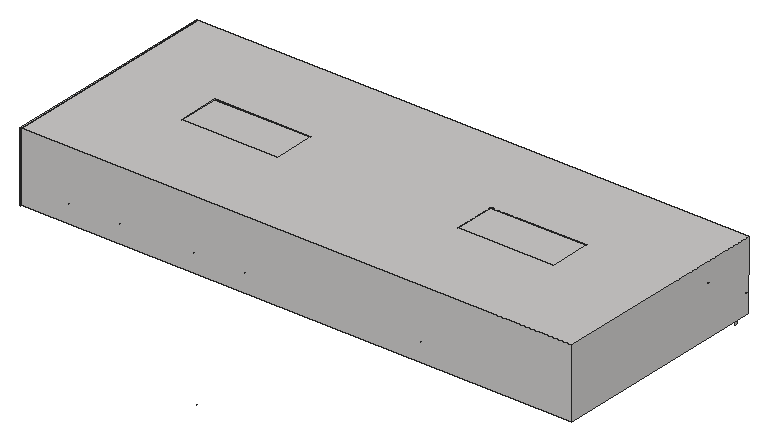
Revit family "QF_ELECTROLUXPROFESSIONAL_640285_VAP1640", category Specialty Equipment, Revit 2014
Reference planes
  plane 1: z = 0
  plane 2 "Center (Left/Right)": x = 150
  plane 3 "LEFT": x = -1850
  plane 4 "RIGHT": x = 2150
  plane 5 "BACK": y = 550
  plane 6 "TOP": z = 2500
  plane 7 "Base": z = 2000
  plane 8: z = 1970
  plane 9 "DrainY": y = 450
  plane 10: x = -1847
  plane 11 "DrainX": x = 2137
  plane 12 "AOLeft2": x = -500
  plane 13 "AORight1": x = 800
  plane 14: x = 2147
  plane 15: x = -1650
  plane 16: x = 1950
  plane 17: x = 50
  plane 18: x = 250
  plane 19 "Center (Front/Back)": y = -250
  plane 20 "Front": y = -1050
  plane 21 "AOLeft1": x = -1200
  plane 22 "AORight2": x = 1500
  plane 23: through (0, 550, 2133.855) normal (0, 0.5299, 0.848)
  plane 24: through (0, -1050, 2133.855) normal (0, 0.5299, -0.848)
  plane 25: y = -100
  plane 26: y = -400
Forms (mm)
  Extrusion 1, solid, material "QF_Finishes_Stainless Steel"
    sketch origin (-1850, 0, 360) x (0, 1, 0) y (0, 0, 1)
      loop
        line (550, 1640) -> (550, 2140) -> (-1050, 2140) -> (-1050, 1640) -> (550, 1640)
    from 0 to 3
  Extrusion 2, solid, material "QF_Finishes_Stainless Steel"
    sketch origin (2150, 0, 360) x (0, 1, 0) y (0, 0, 1)
      loop
        line (550, 1640) -> (550, 2140) -> (-1050, 2140) -> (-1050, 1640) -> (550, 1640)
    from 0 to -3
  Extrusion 3, solid, material "QF_Finishes_Stainless Steel"
    sketch origin (150, 0, 360) x (0, 1, 0) y (0, 0, 1)
      loop
        line (-1050, 2140) -> (-1050, 1640) -> (-1040, 1640) -> (-1040, 1640.8) -> (-1049.2, 1640.8) -> (-1049.2, 2139.19) -> (549.2, 2139.19) -> (549.2, 1640.8) -> (540, 1640.8) -> (540, 1640) -> (550, 1640) -> (550, 2140) -> (-1050, 2140)
    from -2000 to 2000
  Extrusion 4, solid, material "QF_Finishes_Stainless Steel"
    sketch origin (0, 0, 2000) x (0, 1, 0) y (-1, 0, 0)
      loop
        circle (450, -2137) r 4.763
    from -30 to 0
  Extrusion 5, void
    sketch origin (0, 400, 2500) x (0, 1, 0) y (-1, 0, 0)
      loop
        line (-500, 500) -> (-500, 1200) -> (-800, 1200) -> (-800, 500) -> (-500, 500)
    from 0 to -10
  Extrusion 6, solid, material "QF_Finishes_Stainless Steel"
    sketch origin (0, 0, 0) x (1, 0, 0) y (0, 1, 0)
      loop
        line (-1850, 550) -> (-1850, 549) -> (-1849, 549) -> (-1849, 550) -> (-1850, 550)
    from 0 to 1
  Extrusion 7, solid, material "QF_Finishes_Stainless Steel"
    sketch origin (150, 0, 360) x (0, 1, 0) y (0, 0, 1)
      loop
        line (503.5, 1837.574) -> (207.375, 2022.621) -> (192.198, 1998.364) -> (488.366, 1813.348) -> (503.5, 1837.574)
      loop
        line (-1003.5, 1837.574) -> (-988.366, 1813.348) -> (-692.198, 1998.364) -> (-707.375, 2022.621) -> (-1003.5, 1837.574)
    from -1800 to -1997
  Extrusion 8, solid, material "QF_Finishes_Stainless Steel"
    sketch origin (150, 0, 360) x (0, 1, 0) y (0, 0, 1)
      loop
        line (549.2, 1775.312) -> (472.742, 1823.075) -> (472.313, 1822.387) -> (549.2, 1774.355) -> (549.2, 1775.312)
      loop
        line (202.48, 1991.938) -> (126.212, 2039.602) -> (-626.212, 2039.602) -> (-702.48, 1991.938) -> (-702.062, 1991.27) -> (-626, 2038.801) -> (126, 2038.801) -> (202.063, 1991.27) -> (202.48, 1991.938)
      loop
        line (-1049.2, 1775.312) -> (-1049.2, 1774.355) -> (-972.312, 1822.387) -> (-972.742, 1823.075) -> (-1049.2, 1775.312)
    from -1997 to 1997
  Extrusion 9, solid, material "QF_Finishes_Stainless Steel"
    sketch origin (150, 0, 360) x (0, 1, 0) y (0, 0, 1)
      loop
        line (-707.375, 2022.621) -> (-1003.5, 1837.574) -> (-988.366, 1813.348) -> (-692.198, 1998.364) -> (-707.375, 2022.621)
      loop
        line (503.5, 1837.574) -> (207.375, 2022.621) -> (192.198, 1998.364) -> (488.366, 1813.348) -> (503.5, 1837.574)
    from 1997 to 1800
  Extrusion 10, solid, material "QF_Finishes_Stainless Steel"
    sketch origin (150, 0, 360) x (0, 1, 0) y (0, 0, 1)
      loop
        line (-707.375, 2022.621) -> (-1003.5, 1837.574) -> (-988.366, 1813.348) -> (-692.198, 1998.364) -> (-707.375, 2022.621)
      loop
        line (503.5, 1837.574) -> (207.375, 2022.621) -> (192.198, 1998.364) -> (488.366, 1813.348) -> (503.5, 1837.574)
    from -100 to 100
  Extrusion 11, solid, material "QF_Finished_Chrome"
    sketch origin (150, 0, 360) x (0, 1, 0) y (0, 0, 1)
      loop
        line (503.5, 1837.574) -> (207.375, 2022.621) -> (192.198, 1998.364) -> (488.366, 1813.348) -> (503.5, 1837.574)
      loop
        line (-707.375, 2022.621) -> (-1003.5, 1837.574) -> (-988.366, 1813.348) -> (-692.198, 1998.364) -> (-707.375, 2022.621)
    from -1800 to -100
  Extrusion 12, solid, material "QF_Finished_Chrome"
    sketch origin (150, 0, 360) x (0, 1, 0) y (0, 0, 1)
      loop
        line (-707.375, 2022.621) -> (-1003.5, 1837.574) -> (-988.366, 1813.348) -> (-692.198, 1998.364) -> (-707.375, 2022.621)
      loop
        line (503.5, 1837.574) -> (207.375, 2022.621) -> (192.198, 1998.364) -> (488.366, 1813.348) -> (503.5, 1837.574)
    from 100 to 1800
  Sweep 13, solid, material "QF_Finishes_Stainless Steel"
    path origin (0, 0, 0) x (1, 0, 0) y (0, 1, 0)
      loop
        line (2150, 550) -> (-1850, 550) -> (-1850, -1050) -> (2150, -1050) -> (2150, 550)
    profile origin (2150, -250, 0) x (1, 0, 0) y (0, 0, 1)
      loop
        line (-3, 2000) -> (-3, 2000.8) -> (-19, 2000.8) -> (-19, 2010) -> (-20, 2010) -> (-20, 2000) -> (-3, 2000)
  Extrusion 14, void
    sketch origin (0, 400, 2500) x (0, 1, 0) y (-1, 0, 0)
      loop
        line (-500, -1500) -> (-500, -800) -> (-800, -800) -> (-800, -1500) -> (-500, -1500)
    from 0 to -10
Cuts and joins
  Extrusion 5, Extrusion 14 cuts Extrusion 3
  joined: Extrusion 2, Extrusion 3, Sweep 13
Lines and regions (mm)
  symbolic lines, style "SpecialityEquipment", detail levels coarse
    curve 1: line (2150, 550, 2500) -> (-1850, 550, 2500)
    curve 2: line (-1850, 550, 2500) -> (-1850, -1050.8, 2500)
    curve 3: line (2150, -1050.8, 2500) -> (2150, 550, 2500)
    curve 4: line (-1850, 550, 0) -> (2150, -1050, 0)
    curve 5: line (2150, 550, 0) -> (-1850, -1050, 0)
  symbolic lines, detail levels coarse
    curve 6: line (-1850, -1050, 0) -> (2150, -1050, 0)
    curve 7: line (-500, -100, 0) -> (-1200, -100, 0)
    curve 8: line (-500, -400, 0) -> (-500, -100, 0)
    curve 9: line (-1200, -400, 0) -> (-500, -400, 0)
    curve 10: line (-1200, -100, 0) -> (-1200, -400, 0)
    curve 11: line (1500, -100, 0) -> (800, -100, 0)
    curve 12: line (1500, -400, 0) -> (1500, -100, 0)
    curve 13: line (800, -400, 0) -> (1500, -400, 0)
    curve 14: line (800, -100, 0) -> (800, -400, 0)
Dimensions and locks
  plane 3 "LEFT" to plane 4 "RIGHT" = 4000 mm
  equal spacing: plane 3 "LEFT", plane 2 "Center (Left/Right)", plane 4 "RIGHT"
  plane 7 "Base" to plane 8 = 30 mm
  plane 5 "BACK" to plane 9 "DrainY" = 100 mm  (x2)
  plane 3 "LEFT" to plane 10 = 3 mm
  plane 11 "DrainX" to plane 4 "RIGHT" = 13 mm
  plane 14 to plane 4 "RIGHT" = 3 mm
  plane 3 "LEFT" to plane 15 = 200 mm
  plane 16 to plane 4 "RIGHT" = 200 mm
  locked: plane 12 "AOLeft2" to plane 13 "AORight1" at 1300
  equal spacing: plane 12 "AOLeft2", plane 2 "Center (Left/Right)", plane 13 "AORight1"
  locked: plane 7 "Base" to level at 2000
  locked: plane 6 "TOP" to plane 7 "Base" at 500
  locked: plane 17 to plane 18 at 200
  equal spacing: plane 17, plane 2 "Center (Left/Right)", plane 18
  plane 5 "BACK" to plane 20 "Front" = 1600 mm  (x2)
  equal spacing: plane 5 "BACK", plane 19 "Center (Front/Back)", plane 20 "Front"
  plane 21 "AOLeft1" to plane 12 "AOLeft2" = 700 mm
  plane 13 "AORight1" to plane 22 "AORight2" = 700 mm
  locked: plane 25 to plane 26 at 300
  equal spacing: plane 25, plane 19 "Center (Front/Back)", plane 26
  aligned and locked: level to plane 1
  aligned and locked: plane 4 "RIGHT" to Extrusion 3
  aligned and locked: Extrusion 3 to plane 3 "LEFT"
  aligned and locked: Extrusion 7 to plane 10
  aligned and locked: Extrusion 7 to plane 15
  aligned and locked: Extrusion 2 to plane 14
  aligned and locked: plane 14 to Extrusion 9
  aligned and locked: plane 16 to Extrusion 9
  aligned and locked: Extrusion 10 to plane 18
  aligned and locked: Extrusion 10 to plane 17
  aligned and locked: Extrusion 11 to plane 17
  aligned and locked: Extrusion 11 to plane 15
  aligned and locked: Extrusion 12 to plane 18
  aligned and locked: Extrusion 12 to plane 16
  aligned and locked: Extrusion 8 to plane 10
  aligned and locked: Extrusion 8 to plane 14
  aligned and locked: Extrusion 1 to plane 20 "Front"
  aligned and locked: Extrusion 5 to plane 21 "AOLeft1"
  aligned and locked: Extrusion 5 to plane 12 "AOLeft2"
  aligned and locked: plane 13 "AORight1" to Extrusion 14
  aligned and locked: plane 22 "AORight2" to Extrusion 14
  aligned and locked: plane 25 to curve 7
  aligned and locked: curve 9 to plane 26
  aligned and locked: plane 25 to curve 11
  aligned and locked: curve 13 to plane 26
  aligned and locked: plane 25 to Extrusion 5 sketch curve
  aligned and locked: Extrusion 5 sketch curve to plane 26
  aligned and locked: plane 25 to Extrusion 14 sketch curve
Automatic sketch dimensions
  curve 6 to plane 3 "LEFT" = 0 mm
  curve 4 to plane 3 "LEFT" = 0 mm
  curve 5 to plane 4 "RIGHT" = 0 mm
  curve 6 to plane 4 "RIGHT" = 0 mm
  curve 4 to plane 20 "Front" = 0 mm
  curve 5 to plane 5 "BACK" = 0 mm
  curve 4 to plane 5 "BACK" = 0 mm
  curve 2 to plane 3 "LEFT" = 0 mm
  curve 3 to plane 4 "RIGHT" = 0 mm
  curve 2 to plane 5 "BACK" = 0 mm
  curve 3 to plane 20 "Front" = 0.8 mm
  curve 2 to plane 20 "Front" = 0.8 mm
  Extrusion 1 sketch curve to plane 7 "Base" = 0 mm
  Extrusion 1 sketch curve to plane 20 "Front" = 0 mm
  Extrusion 1 sketch curve to plane 5 "BACK" = 0 mm
  Extrusion 1 sketch curve to plane 6 "TOP" = 0 mm
  Extrusion 2 sketch curve to plane 7 "Base" = 0 mm
  Extrusion 2 sketch curve to plane 20 "Front" = 0 mm
  Extrusion 2 sketch curve to plane 5 "BACK" = 0 mm
  Extrusion 2 sketch curve to plane 6 "TOP" = 0 mm
  Extrusion 3 sketch curve to plane 6 "TOP" = 0 mm
  Extrusion 3 sketch curve to plane 20 "Front" = 0 mm
  Extrusion 3 sketch curve to plane 7 "Base" = 0 mm  (x2)
  Extrusion 3 sketch curve to plane 5 "BACK" = 0 mm
  plane 20 "Front" to Extrusion 3 sketch curve = 0.8 mm
  Extrusion 3 sketch curve to Extrusion 3 sketch curve = 9.2 mm
  plane 7 "Base" to Extrusion 3 sketch curve = 0.8 mm  (x2)
  Extrusion 3 sketch curve to plane 5 "BACK" = 10 mm
  Extrusion 3 sketch curve to plane 5 "BACK" = 0.8 mm
  Extrusion 3 sketch curve to plane 6 "TOP" = 0.81 mm
  Extrusion 4 sketch curve to plane 9 "DrainY" = 0 mm
  Extrusion 4 sketch curve to plane 11 "DrainX" = 0 mm
  Extrusion 5 sketch curve to plane 12 "AOLeft2" = 0 mm
  Extrusion 5 sketch curve to plane 21 "AOLeft1" = 0 mm
  Extrusion 6 sketch curve to plane 3 "LEFT" = 0 mm
  Extrusion 6 sketch curve to plane 5 "BACK" = 0 mm
  plane 3 "LEFT" to Extrusion 6 sketch curve = 1 mm
  Extrusion 6 sketch curve to Extrusion 6 sketch curve = 1 mm
  Sweep 13 sketch curve to plane 3 "LEFT" = 0 mm
  Sweep 13 sketch curve to plane 4 "RIGHT" = 0 mm
  Sweep 13 sketch curve to plane 20 "Front" = 0 mm
  Sweep 13 sketch curve to plane 5 "BACK" = 0 mm
  profile plane to Sweep 13 sketch curve = 20 mm
  Sweep 13 sketch curve to Sweep 13 sketch curve = 1 mm
  profile plane to Sweep 13 sketch curve = 3 mm
  level to Sweep 13 sketch curve = 2000 mm
  Sweep 13 sketch curve to Sweep 13 sketch curve = 0.8 mm
  Sweep 13 sketch curve to Sweep 13 sketch curve = 9.2 mm
  Extrusion 14 sketch curve to plane 12 "AOLeft2" = 2000 mm
  plane 21 "AOLeft1" to Extrusion 14 sketch curve = 2000 mm
  curve 8 to plane 12 "AOLeft2" = 0 mm
  curve 9 to plane 21 "AOLeft1" = 0 mm
  curve 11 to plane 13 "AORight1" = 0 mm
  curve 12 to plane 22 "AORight2" = 0 mm
  plane 20 "Front" to Extrusion 8 sketch curve = 0.8 mm
  Extrusion 8 sketch curve to Extrusion 8 sketch curve = 0.43 mm  (x2)
  Extrusion 8 sketch curve to Extrusion 8 sketch curve = 0.418 mm  (x2)
  Extrusion 8 sketch curve to plane 9 "DrainY" = 324 mm
  Extrusion 8 sketch curve to plane 6 "TOP" = 100.398 mm
  Extrusion 8 sketch curve to Extrusion 8 sketch curve = 0.212 mm  (x2)
  Extrusion 8 sketch curve to Extrusion 8 sketch curve = 76.063 mm
  Extrusion 8 sketch curve to plane 6 "TOP" = 148.062 mm
  plane 9 "DrainY" to Extrusion 8 sketch curve = 22.313 mm
  Extrusion 8 sketch curve to plane 5 "BACK" = 0.8 mm
  plane 7 "Base" to Extrusion 8 sketch curve = 134.355 mm  (x2)
  Extrusion 8 sketch curve to Extrusion 8 sketch curve = 0.957 mm  (x2)
  Extrusion 8 sketch curve to Extrusion 8 sketch curve = 0.669 mm
  Extrusion 8 sketch curve to Extrusion 8 sketch curve = 76.268 mm
  Extrusion 8 sketch curve to Extrusion 8 sketch curve = 0.801 mm
  Extrusion 7 sketch curve to plane 9 "DrainY" = 257.802 mm
  Extrusion 7 sketch curve to plane 6 "TOP" = 117.379 mm
  Extrusion 7 sketch curve to Extrusion 7 sketch curve = 15.177 mm  (x2)
  plane 9 "DrainY" to Extrusion 7 sketch curve = 38.366 mm
  Extrusion 7 sketch curve to Extrusion 7 sketch curve = 15.134 mm
  plane 7 "Base" to Extrusion 7 sketch curve = 173.348 mm  (x2)
  Extrusion 7 sketch curve to Extrusion 7 sketch curve = 24.226 mm  (x2)
  Extrusion 7 sketch curve to Extrusion 7 sketch curve = 24.257 mm
  Extrusion 11 sketch curve to plane 5 "BACK" = 46.5 mm
  plane 7 "Base" to Extrusion 11 sketch curve = 197.574 mm
  Extrusion 11 sketch curve to Extrusion 11 sketch curve = 15.134 mm  (x2)
  Extrusion 11 sketch curve to plane 6 "TOP" = 117.379 mm
  Extrusion 11 sketch curve to Extrusion 11 sketch curve = 24.226 mm  (x2)
  Extrusion 11 sketch curve to Extrusion 11 sketch curve = 15.177 mm  (x2)
  Extrusion 11 sketch curve to Extrusion 11 sketch curve = 24.257 mm  (x2)
  Extrusion 11 sketch curve to plane 6 "TOP" = 141.636 mm
  Extrusion 10 sketch curve to plane 6 "TOP" = 117.379 mm  (x2)
  Extrusion 10 sketch curve to Extrusion 10 sketch curve = 24.257 mm  (x2)
  Extrusion 10 sketch curve to Extrusion 10 sketch curve = 24.226 mm  (x2)
  Extrusion 10 sketch curve to Extrusion 10 sketch curve = 15.177 mm  (x2)
  plane 9 "DrainY" to Extrusion 10 sketch curve = 38.366 mm
  Extrusion 10 sketch curve to Extrusion 10 sketch curve = 15.134 mm  (x2)
  plane 7 "Base" to Extrusion 10 sketch curve = 173.348 mm
  Extrusion 12 sketch curve to plane 6 "TOP" = 117.379 mm
  Extrusion 12 sketch curve to Extrusion 12 sketch curve = 15.177 mm  (x2)
  Extrusion 12 sketch curve to Extrusion 12 sketch curve = 24.257 mm  (x2)
  Extrusion 12 sketch curve to plane 6 "TOP" = 141.636 mm
  plane 7 "Base" to Extrusion 12 sketch curve = 197.574 mm  (x2)
  Extrusion 12 sketch curve to plane 9 "DrainY" = 257.802 mm
  plane 9 "DrainY" to Extrusion 12 sketch curve = 38.366 mm
  Extrusion 12 sketch curve to Extrusion 12 sketch curve = 15.134 mm  (x2)
  Extrusion 9 sketch curve to plane 6 "TOP" = 117.379 mm  (x2)
  Extrusion 9 sketch curve to Extrusion 9 sketch curve = 24.257 mm  (x2)
  Extrusion 9 sketch curve to Extrusion 9 sketch curve = 24.226 mm  (x2)
  Extrusion 9 sketch curve to plane 5 "BACK" = 46.5 mm
  plane 7 "Base" to Extrusion 9 sketch curve = 197.574 mm
  Extrusion 9 sketch curve to Extrusion 9 sketch curve = 15.134 mm  (x2)
  Extrusion 9 sketch curve to Extrusion 9 sketch curve = 15.177 mm  (x2)
  Extrusion 7 sketch curve to plane 6 "TOP" = 141.636 mm
  plane 20 "Front" to Extrusion 7 sketch curve = 357.802 mm
  plane 20 "Front" to Extrusion 7 sketch curve = 61.634 mm
  plane 20 "Front" to Extrusion 8 sketch curve = 77.258 mm
  Extrusion 8 sketch curve to Extrusion 8 sketch curve = 270.262 mm
  plane 20 "Front" to Extrusion 9 sketch curve = 357.802 mm
  plane 20 "Front" to Extrusion 9 sketch curve = 61.634 mm
  plane 20 "Front" to Extrusion 10 sketch curve = 357.802 mm
  plane 20 "Front" to Extrusion 10 sketch curve = 61.634 mm
  plane 20 "Front" to Extrusion 11 sketch curve = 357.802 mm
  plane 20 "Front" to Extrusion 11 sketch curve = 61.634 mm
  plane 20 "Front" to Extrusion 12 sketch curve = 357.802 mm
  plane 20 "Front" to Extrusion 12 sketch curve = 61.634 mm
  Extrusion 14 sketch curve to Extrusion 14 sketch curve = 300 mm
  radius of Extrusion 4 sketch curve = 4.763 mm
Connectors
  piping at (2137, 450, 1970), diameter 9.5
    settings: on Extrusion 4, index 1, connector inside diameter 609.6 mm, connector length 0 mm, flow factor 0, pipe flow 0.0 L/s, pressure drop 0.0 Pa, fitting loss kfactor 0, connector angle 0.00°, fixture units 0, engagement length 0 mm, angle of deflection 0.00°, flow configuration 1, flow direction 2, fitting loss method 0, system type 16, joint type 0, gender type 0, connector reference index -1, connector utility 0, adjustable connector no, is connector primary yes, connector description "Drain"
  hvac at (-850, -250, 2500)
    settings: on Extrusion 5, index 2, duct flow 0.0 L/s, flow factor 0, pres drop 0.0 Pa, loss coef 0, conn angle 0.00°, conn width 300 mm, conn height 700 mm, conn diameter 609.6 mm, duct sys type 3, conn prof type 1, flow config 1, flow direction 2, loss method 0, conn ref index -1, conn util no, is conn primary yes, conn desc "EXHAUST OUTLET"
  hvac at (1150, -250, 2500)
    settings: on Extrusion 14, index 3, duct flow 0.0 L/s, flow factor 0, pres drop 0.0 Pa, loss coef 0, conn angle 0.00°, conn width 300 mm, conn height 700 mm, conn diameter 609.6 mm, duct sys type 3, conn prof type 1, flow config 1, flow direction 2, loss method 0, conn ref index -1, conn util no, is conn primary no, conn desc "EXHAUST OUTLET"
